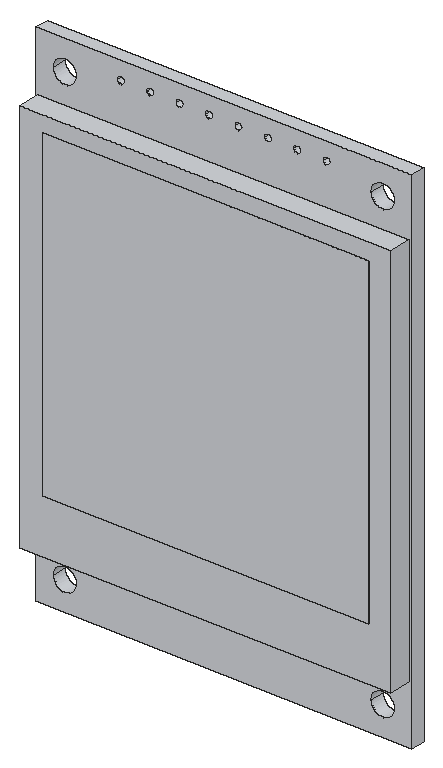
Revit family "1.54TFT_SCREEN", category Sistema de mobiliário, Revit 2024
Family settings
  Cota do conector redondo = Utilizar diâmetro
  Tipo de parte = Normal
  Com base no plano de trabalho = Não
  Ativar corte nas vistas = Não
  Sempre na vertical = Sim
  Corte com vazios quando carregada = Não
  Compartilhado = Não
  Ponto de cálculo do ambiente = Não
Parameters
  Elevação padrão = 0 mm
Reference planes
  plane 1 "Centro (Frente/Trás)": y = 0
  plane 2: z = 0
  plane 3 "Centro (Esquerda/Direita)": x = 0
Forms (mm)
  Extrusion 1, solid
    sketch origin (0, 0, 0) x (1, 0, 0) y (0, 1, 0)
      loop
        line (-16, 0) -> (-16, -1.2) -> (16, -1.2) -> (16, 0) -> (-16, 0)
    from 0 to 43.7
  Extrusion 2, void
    sketch origin (0, 0, 0) x (1, 0, 0) y (0, 0, 1)
      loop
        circle (13.5, 2.5) r 1
      loop
        circle (13.5, 41.2) r 1
      loop
        circle (-13.5, 41.2) r 1
      loop
        circle (-13.5, 2.5) r 1
    from -1.039 to 3.2
  Extrusion 3, solid
    sketch origin (0, -0.1, 0) x (1, 0, 0) y (0, 1, 0)
      loop
        line (-15.76, -1.2) -> (-15.76, -3.1) -> (15.76, -3.1) -> (15.76, -1.2) -> (-15.76, -1.2)
    from 5 to 38.7
  Extrusion 4, void
    sketch origin (-1.25, 0, 0) x (1, 0, 0) y (0, 0, 1)
      loop
        circle (0, 42.2) r 0.3
      loop
        circle (2.5, 42.2) r 0.3
      loop
        circle (5, 42.2) r 0.3
      loop
        circle (7.5, 42.2) r 0.3
      loop
        circle (10, 42.2) r 0.3
      loop
        circle (-2.5, 42.2) r 0.3
      loop
        circle (-5, 42.2) r 0.3
      loop
        circle (-7.5, 42.2) r 0.3
    from -1.039 to 3.2
  Extrusion 5, solid
    sketch origin (0.375, -0.1, 9.599) x (1, 0, 0) y (0, 1, 0)
      loop
        line (-14.235, -2.259) -> (-14.235, -3.1) -> (13.485, -3.1) -> (13.485, -2.259) -> (-14.235, -2.259)
    from 0 to 27.7
Cuts and joins
  Extrusion 2, Extrusion 4 cuts Extrusion 1
Dimensions and locks
  Extrusion 1 to level = 43.7 mm
  Extrusion 1 to Extrusion 1 = 32 mm
  Extrusion 1 to Extrusion 1 = 1.2 mm
  cut or joined group of Extrusion 1, Extrusion 2, Extrusion 4 to Extrusion 3 = 5 mm
  aligned and locked: level to plane 2
